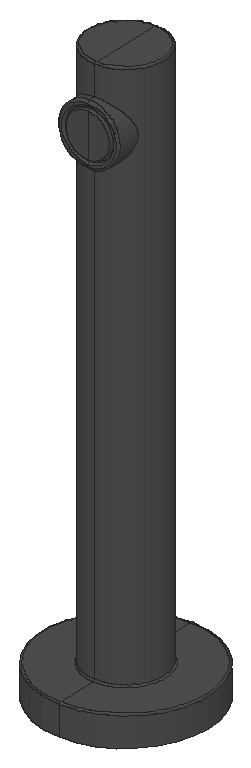
Revit family "Reece_Tap_Posh_Solus_Bath Outlet", category Plumbing Fixtures, host Face, Revit 2018
Family settings
  Host = Face
  Round Connector Dimension = Use Diameter
  Part Type = Normal
  Cut with Voids When Loaded = No
  Shared = Yes
  Room Calculation Point = Yes
Parameters (values of type "180 mm_Matte Black")
  WFU = 0  # constant formula
  URL = "https://www.reece.com.au/product/-2263954"
  Type Comments = "Tap"
  Reece_Tap_Reach = 170.5 mm
  Reece_Tap_Inlet = 15 mm
  Reece_Tap_Clearance = 0 mm
  Reece_Product_Web Page = "https://www.reece.com.au/product/-2263954"
  Reece_Product_Type = "Tap"  # constant formula
  Reece_Product_Sub Brand = "Solus"  # constant formula
  Reece_Product_Number = "2263954"
  Reece_Product_Mount = "Wall Mounted"
  Reece_Product_Description = "Posh Solus Bath Outlet 180mm Matte Black"
  Reece_Product_Brand = "Posh"  # constant formula
  Reece_Overall_Length = 190.5 mm
  Reece_Material_Main = Reece_Brass_Matte Black
  Reece_Detail_Installation = ""
  Reece_Detail_Disclaimer = "THIS FILE IS THE PROPERTY OF THE REECE GROUP. IT MAY NOT BE REPRODUCED, REVERSE-ENGINEERED OR MODIFIED. ANY REPUBLICATION, TRANSMISSION OR DISTRIBUTION FOR THE PURPOSE OF COMMERCIALLY EXPLOITING THE FILES IS PROHIBITED."  # constant formula
  Reece_Detail_Connector = ""
  Reece_Detail_Additional = "Bath Outlet"  # constant formula
  Model = "Solus"
  Manufacturer = "Posh"
  Keynote = "Product #2263954, Reece_Tap_Posh_Solus_Bath Outlet - 180 mm_Matte Black"
  HWFU = 0  # constant formula
  Disclaimer = "THIS FILE IS THE PROPERTY OF THE REECE GROUP. IT MAY NOT BE REPRODUCED, REVERSE-ENGINEERED OR MODIFIED. ANY REPUBLICATION, TRANSMISSION OR DISTRIBUTION FOR THE PURPOSE OF COMMERCIALLY EXPLOITING THE FILES IS PROHIBITED."  # constant formula
  Description = "Posh Solus Bath Outlet 180mm Matte Black"
  Default Elevation = 1000 mm
  CWFU = 0  # constant formula
Types (4, lengths in mm): name | URL | Reece_Tap_Reach | Reece_Product_Web Page | Reece_Product_Number | Reece_Product_Description | Reece_Overall_Length | Reece_Material_Main | Keynote | Description
  180 mm_Chrome | "https://www.reece.com.au/product/-9505445" | 170.5 | "https://www.reece.com.au/product/-9505445" | "9505445" | "Posh Solus Bath Outlet 170mm Chrome" | 190.5 | Reece_Brass_Chrome | "Product #9505445, Reece_Tap_Posh_Solus_Bath Outlet - 180 mm_Chrome" | "Posh Solus Bath Outlet 180mm Chrome"
  220 mm_Chrome | "https://www.reece.com.au/product/-9505446" | 210.5 | "https://www.reece.com.au/product/-9505446" | "9505446" | "Posh Solus Bath Outlet 210mm Chrome" | 230.5 | Reece_Brass_Chrome | "Product #9505446, Reece_Tap_Posh_Solus_Bath Outlet - 220 mm_Chrome" | "Posh Solus Bath Outlet 220mm Chrome"
  180 mm_Matte Black | "https://www.reece.com.au/product/-2263954" | 170.5 | "https://www.reece.com.au/product/-2263954" | "2263954" | "Posh Solus Bath Outlet 180mm Matte Black" | 190.5 | Reece_Brass_Matte Black | "Product #2263954, Reece_Tap_Posh_Solus_Bath Outlet - 180 mm_Matte Black" | "Posh Solus Bath Outlet 180mm Matte Black"
  220 mm_Matte Black | "https://www.reece.com.au/product/-2263955" | 210.5 | "https://www.reece.com.au/product/-2263955" | "2263955" | "Posh Solus Bath Outlet 220mm Matte Black" | 230.5 | Reece_Brass_Matte Black | "Product #2263955, Reece_Tap_Posh_Solus_Bath Outlet - 220 mm_Matte Black" | "Posh Solus Bath Outlet 220mm Matte Black"
Reference planes
  plane 1 "Center (Front/Back)": y = 0
  plane 2 "Bottom": z = 0
  plane 3 "Center (Left/Right)": x = 0
  plane 4: z = 190.5
  plane 5: z = 170.5
  plane 6: y = -27
  plane 7: y = 27
Forms (mm)
  Revolve 1, solid, material "Reece_Brass_Matte Black" <- "Reece_Material_Main"
    sketch origin (0, 0, -2) x (0, 1, 0) y (0, 0, 1)
      loop
        arc (27, 11.5) -> (26.854, 11.854) -> (26.5, 12) r 0.5
        line (26.5, 12) -> (13, 12)
        arc (13, 12) -> (12.646, 12.146) -> (12.5, 12.5) r 0.5
        line (12.5, 12.5) -> (12.5, 192)
        arc (12.5, 192) -> (12.354, 192.354) -> (12, 192.5) r 0.5
        line (12, 192.5) -> (0, 192.5) -> (0, 191) -> (11, 191)
        arc (11, 191) -> (11.354, 190.854) -> (11.5, 190.5) r 0.5
        line (11.5, 190.5) -> (11.5, 12) -> (8.9, 12) -> (8.9, 2) -> (12.5, 2) -> (12.5, 8.4) -> (23.4, 8.4) -> (23.4, 2) -> (27, 2) -> (27, 11.5)
      axis (0, 192.5) -> (0, 2)
    angle from 0 to 360
  Revolve 2, solid, material "Reece_Brass_Matte Black" <- "Reece_Material_Main"
    sketch origin (0, 3.566, -67.5) x (0, 1, 0) y (0, 0, 1)
      loop
        line (-18.966, 245.049) -> (-18.966, 238) -> (-6.458, 238) -> (-6.458, 248) -> (-18.254, 248) -> (-18.966, 247.288) -> (-18.966, 246.498) -> (-18.318, 245.849) -> (-16.968, 245.849) -> (-16.968, 245.049) -> (-18.966, 245.049)
      axis (-6.458, 238) -> (-18.966, 238)
    angle from 0 to 360
  Extrusion 3, void
    sketch origin (0, 0, 0) x (0, 1, 0) y (1, 0, 0)
      loop
        circle (0, 0) r 22
    from 0 to 60
Cuts and joins
  joined: Revolve 1, Revolve 2
Text (mm)
  text "Reece Copyright © 2018, Reece Ltd." at (-754.501, -273.515, 0), in view "Ref. Level"
  text "Reece ©" at (16.12, 176.694, 138.353), in view "Reece Preview"
Dimensions and locks
  "Reece_Overall_Length": plane 2 "Bottom" to plane 4
  "Reece_Tap_Reach": plane 5 to plane 2 "Bottom"
  aligned and locked: plane 2 "Bottom" to host face
  aligned and locked: level to host face
Automatic sketch dimensions
  host sketch curve to host sketch curve = 380.785 mm
  host sketch curve to host sketch curve = 317.421 mm
  Revolve 1 sketch curve to plane 1 "Center (Front/Back)" = 0 mm  (x2)
  level to Revolve 1 sketch curve = 0 mm  (x2)
  plane 4 to Revolve 1 sketch curve = 0 mm
  Revolve 1 sketch curve to plane 1 "Center (Front/Back)" = 8.9 mm
  plane 4 to Revolve 1 sketch curve = 2 mm
  Revolve 1 sketch curve to plane 1 "Center (Front/Back)" = 11 mm
  Revolve 1 sketch curve to Revolve 1 sketch curve = 0.5 mm  (x3)
  Revolve 1 sketch curve to Revolve 1 sketch curve = 1 mm  (x2)
  Revolve 1 sketch curve to Revolve 1 sketch curve = 3.6 mm  (x2)
  Revolve 1 sketch curve to Revolve 1 sketch curve = 10.9 mm
  Revolve 1 sketch curve to Revolve 1 sketch curve = 3.1 mm  (x2)
  level to Revolve 1 sketch curve = 6.4 mm
  Revolve 1 sketch curve to level = 155.173 mm
  Revolve 1 sketch curve to plane 4 = 143.933 mm
  Revolve 2 sketch curve to plane 5 = 0 mm  (x2)
  plane 1 "Center (Front/Back)" to Revolve 2 sketch curve = 15.4 mm
  Revolve 2 sketch curve to Revolve 2 sketch curve = 0 mm
  Revolve 2 sketch curve to Revolve 2 sketch curve = 0.649 mm  (x2)
  Revolve 2 sketch curve to Revolve 2 sketch curve = 0.712 mm  (x2)
  Revolve 2 sketch curve to Revolve 2 sketch curve = 1.349 mm
  plane 1 "Center (Front/Back)" to Revolve 2 sketch curve = 2.892 mm
  plane 5 to Revolve 2 sketch curve = 7.049 mm
  Revolve 2 sketch curve to Revolve 2 sketch curve = 0.8 mm
  Revolve 2 sketch curve to Revolve 2 sketch curve = 0.79 mm
  Revolve 2 sketch curve to Revolve 2 sketch curve = 4.879 mm
  Revolve 2 sketch curve to plane 1 "Center (Front/Back)" = 3.566 mm
  radius of Revolve 1 to Extrusion 3 sketch curve = 13.1 mm
Connectors
  piping at (0, 0, 0), diameter 15, driven by "Reece_Tap_Inlet"
    settings: on host face, index 1, connector inside diameter 609.6 mm, connector length 0 mm, flow factor 0, pipe flow 0.0 L/s, pressure drop 0.0 Pa, fitting loss kfactor 0, connector angle 0.00°, fixture units 0, engagement length 0 mm, angle of deflection 0.00°, flow configuration 0, flow direction 1, fitting loss method 0, system type 29, joint type 0, gender type 0, connector reference index -1, connector utility 0, adjustable connector no, is connector primary yes, connector description ""
